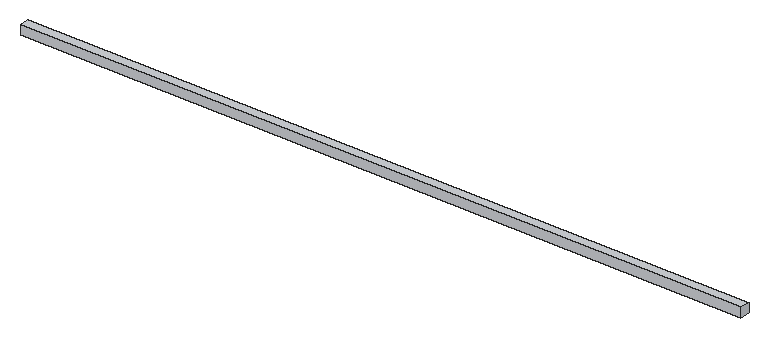
Revit family "QUADRATE NEON FLEX RGBW 1312_NDFXRGBW", category Luminarias, Revit 2019
Family settings
  Cota de conector redondo = Diámetro de uso
  Tipo de pieza = Normal
  Se basa en plano de trabajo = Sí
  Siempre vertical = No
  Corte con vacíos al cargar = No
  Origen de luz = Sí
  Compartido = No
  Punto de cálculo de habitación = No
Parameters (values of type "QUADRATE NEON FLEX RGBW_NDFXRGBW")
  Tilt Angle = 60.00°
  Zone [instance] = ""
  Watt per fixture [instance] = (Longitud / 1000 mm) * (16.5)  # 16.5
  Wattage = 16.5 W
  built-in parameter 1150107 = 3000 (stored number, unit not read)
  built-in parameter 1150110 = 1 (stored number, unit not read)
  built-in parameter 1150109 = 1 (stored number, unit not read)
  built-in parameter 1150112 = 1 (stored number, unit not read)
  built-in parameter 1150113 = 1 (stored number, unit not read)
  built-in parameter 1114218 = 1 (stored number, unit not read)
  built-in parameter 1150137 = (empty or 0)
  built-in parameter 1150132 = (empty or 0)
  Modelo Lampara = "2835 SMD"
  Modelo = "NDFXRGBW"
  Marca = "BRILLANT"
  Longitud de línea de emisión = 600 mm
  Longitud [instance] = 1000 mm
  built-in parameter 1150105 = 261.61 (stored number, unit not read)
  built-in parameter 1150102 = (empty or 0)
  built-in parameter 1150106 = 2.6161 (stored number, unit not read)
  Lumens = 825 lm
  Color Filter = 16777215
  built-in parameter 1114217 = 1 (stored number, unit not read)
  built-in parameter 1150139 = (empty or 0)
  Fabricante = "BRILLANT"
  Default Elevation = 0 mm
  built-in parameter 1150104 = 4.6452 (stored number, unit not read)
  Descripción = "TIRA QUADRATE NEON FLEX RGBW 1312 DE PLASTICO FLEXIBLE CON UNA POTENCIA DE 16.5W/M DE UN TIPO DE LED 2835 SMD, USO PARA EXTERIORES IP67, IK08, TECNOLOGIA EN RGBW 2700-3500K, RGB 4500-5000K, PRESENTACION DE 5M, CORTE 6.5CM, AMPERAJE 0.6A, ALIMENTADO A 24V, REQUIERE ACCESORIOS."
  built-in parameter 1150115 = 1 (stored number, unit not read)
  built-in parameter 1150114 = 1 (stored number, unit not read)
  Costo USD_NDFXRGBW [instance] = (Longitud / 1000 mm) * (43)  # 43
  Comentarios de vataje = "24"
  built-in parameter 1150138 = (empty or 0)
  built-in parameter 1150134 = (empty or 0)
  Circuit [instance] = ""
  Dimming Lamp Color Temperature Shift = (empty or 0)
  Archivo de red fotométrica = "NFXRGBW_QUADRATE NEON FLEX RGBW 1312.IES"
  built-in parameter 1150133 = 10 (stored number, unit not read)
Reference planes
  plane 1 "Centro (Frontal/Posterior)": y = 0
  plane 2: z = 0
  plane 3 "Centro (Izquierda/Derecha)": x = 0
  plane 4 "IZQ": x = -1000
  plane 5: z = 13
Forms (mm)
  Extrusion 1, solid
    sketch origin (0, 0, 0) x (1, 0, 0) y (0, 1, 0)
      loop
        line (-1000, 6.5) -> (-1000, -6.5) -> (0, -6.5) -> (0, 6.5) -> (-1000, 6.5)
    from 0 to 13
Dimensions and locks
  plane 5 to imposter light = 13 mm
  "Longitud": plane 4 "IZQ" to plane 3 "Centro (Izquierda/Derecha)"
  aligned and locked: level to plane 2
  aligned and locked: plane 4 "IZQ" to Extrusion 1
  aligned and locked: plane 5 to Extrusion 1
  aligned and locked: plane 3 "Centro (Izquierda/Derecha)" to Extrusion 1
Automatic sketch dimensions
  Extrusion 1 sketch curve to plane 4 "IZQ" = 0 mm
  Extrusion 1 sketch curve to plane 3 "Centro (Izquierda/Derecha)" = 0 mm
  plane 1 "Centro (Frontal/Posterior)" to Extrusion 1 sketch curve = 6.5 mm
  Extrusion 1 sketch curve to plane 1 "Centro (Frontal/Posterior)" = 6.5 mm
Connectors
  electrical at (0, 0, 6.5)
    settings: on Extrusion 1, index 1, voltage 24 V, apparent load 0 VA, apparent load phase1 0 VA, apparent load phase2 0 VA, apparent load phase3 0 VA, power factor 1, load classification "Otro", number of poles 1, system type 31, power factor state 1, is connector primary yes, connector utility no, sub classification motor no, connector description ""
